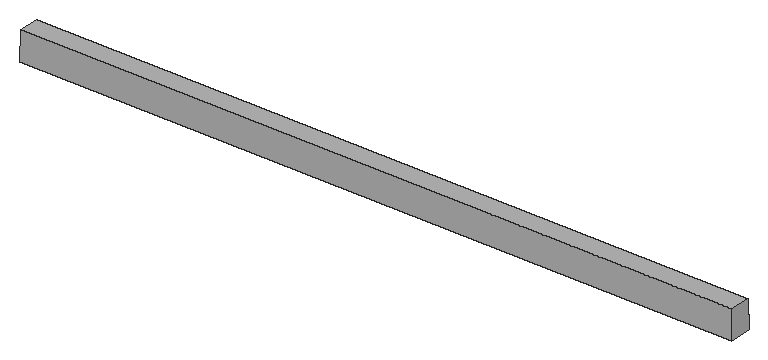
Revit family "P116 Fencing Rail", category Generic Models, Revit 2020
Family settings
  Can host rebar = No
  Round Connector Dimension = Use Diameter
  Part Type = Normal
  Work Plane-Based = No
  Always vertical = Yes
  Cut with Voids When Loaded = No
  Shared = No
  Room Calculation Point = No
Parameters
  Weight = "45Kg"
  Warranty Guarantor Parts = "n/a"
  Warranty Guarantor Labour = "n/a"
  Warranty Duration Unit = "n/a"
  Warranty Duration Parts = "n/a"
  Warranty Duration Labour = "n/a"
  Warranty Description = "n/a"
  Unit Width [instance] = 75 mm
  Unit Length [instance] = 2530 mm
  Unit Height [instance] = 100 mm
  URL = "www.killeshal.com"
  Types = "Single"
  Type Comments = "Visit our website for a full list of available products."
  Sustainability Performance = "n/a"
  Structural Class = "n/a"
  Span = "n/a"
  Slope = "n/a"
  Size = "75mm wide x 100mm high x 2530mm long."
  Shape = "As per drawing."
  Service Life = "0.000000"
  Serial Number = "n/a"
  Resistance to Fire = "n/a"
  Replacement Cost = "n/a"
  Reference = "n/a"
  Notified Body = "n/a"
  Nominal Cover to Main Bar = "n/a"
  Model = "P/116 Fencing Rail"
  Mechanical Resistance = "n/a"
  Manufacturer = "Killeshal Precast Concrete Ltd."
  Load Bearing = no
  Life Cycle Environmental Load = "n/a"
  Length Options = "2530mm"
  Keynote = "The information contained is the sole property of KPC Ltd., any reproduction in part or whole without permission of KPC Ltd. is prohibited."
  Environmental Product Declaration = "n/a"
  Environmental Class = "n/a"
  Durability against Corrosion = "Design specification and critical dimensions as per product drawings."
  Dimension Accuracy Class = "n/a"
  Detailing = "As per design specifiaction and production drawings."
  Description = "8'4\" Fencing Rail"
  Default Elevation = 0 mm
  Dangerous Substances = "No Exposure."
  Contact Tel = "0035357 9353018"
  Contact Email = "sales@killeshal.com"
  Construction Type = "Precast"
  Construction Tolerance Class = "n/a"
  Compressive Strength of Concrete = "n/a"
  Characteristics of Reinforcing Steel = "n/a"
  Characteristics Deflection Under Load = "n/a"
Reference planes
  plane 1 "Center (Front/Back)": y = 0
  plane 2: z = 0
  plane 3 "Center (Left/Right)": x = 0
  plane 4: y = -37.5
  plane 5: y = 37.5
  plane 6: y = 35
  plane 7: y = -35
  plane 8: z = 100
Forms (mm)
  Extrusion 1, solid, material "Precast Concrete (KPC)"
    sketch origin (0, 0, 0) x (0, 1, 0) y (0, 0, 1)
      loop
        line (37.5, 0) -> (35, 100) -> (-35, 100) -> (-37.5, 0) -> (37.5, 0)
    from 0 to 2530
Dimensions and locks
  "Unit Width": plane 5 to plane 4
  plane 6 to plane 7 = 70 mm
  "Unit Height": plane 8 to level
  "Unit Length": Extrusion 1 to Extrusion 1
  aligned and locked: level to plane 2
Automatic sketch dimensions
  Extrusion 1 sketch curve to level = 0 mm
  Extrusion 1 sketch curve to plane 4 = 0 mm
  Extrusion 1 sketch curve to plane 7 = 0 mm
  Extrusion 1 sketch curve to plane 6 = 0 mm
  Extrusion 1 sketch curve to plane 5 = 0 mm
  Extrusion 1 sketch curve to plane 8 = 0 mm
